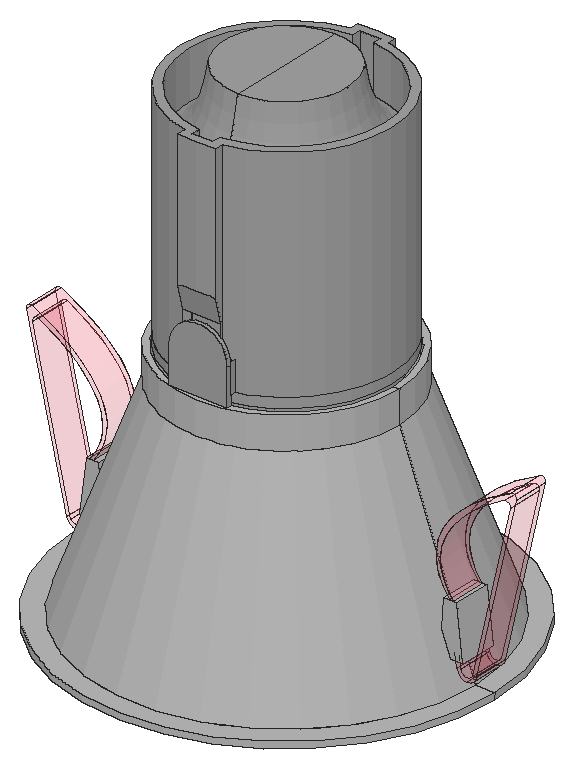
Revit family "LAMP_MOODY G2 800 + ROUND FIXED REFLECTOR", category Luminarias, Revit 2015
Parameters (values of type "2700K FLOOD")
  Ángulo de inclinación = 90.00°
  White reflector model = White reflector code  # "MORFRD100FXW"
  White reflector finish = "Matt white"
  White reflector description = "MOODY REF RD FX Ø99 WH."
  White reflector datasheet = "http://www.lamp.es/product-files/TECH/MORFRD100FXW-EN.pdf"
  White reflector [instance] = no
  Wattage = 6.1 W
  UGR = "21"
  Type = "COB PHILIPS"
  White reflector code = "MORFRD100FXW"
  Total weight = 0.25 kg
  Total height = 115 mm
  Silver reflector model = Silver reflector code  # "MORFRD100FXM"
  Silver reflector finish = "Metalized matt silver"
  Silver reflector description = "MOODY REF RD FX Ø99 MET."
  Silver reflector datasheet = "http://www.lamp.es/product-files/TECH/MORFRD100FXM-EN.pdf"
  Silver reflector code = "MORFRD100FXM"
  Silver reflector [instance] = no
  Reflector diameter = 100 mm
  Reflector [instance] = and(not(White reflector), not(Copper reflector), not(Black reflector), not(Silver reflector))  # no
  Recessed diameter = 95 mm
  built-in parameter 1150110 = 1 (stored number, unit not read)
  Protection rating = "IP20"
  Product URL = "https://www.lamp.es/en/family/moody_33323"
  Power Supply = "220-240V 50/60Hz"
  Power = 5 W
  Plum = 6.1 W
  Model explanation = "Availability of switching reflector colour when placed in a project."
  Material Reflector Plata = LAMP_PC Reflector Moody GR
  Material Reflector Negro = LAMP_PC Reflector Moody NG
  Material Reflector Cobre = LAMP_PC Reflector Moody CO
  Material Muelle Emp. = LAMP_Acero genérico
  Material Reflector Blanco = LAMP_PC Reflector Moody BL
  Manufacturer name = "LAMP"
  Manufacturer country = "Spain"
  Manufacturer URL = "http://www.lamp.es/en"
  MacAdam = "3"
  Lámpara = "COB LED"
  Luminaire type = "Indoor - Recessed Downlight"
  Last update = "27/08/2019"
  LED Lifetime = "50.000 L90 B10"
  Insulation class = "II"
  Installation instructions = "https://www.lamp.es/product-files/INS/1004620-A-INSTR.%20MOODY%20G2.pdf"
  IEE = "A++"
  Gear = "Electronic"
  built-in parameter 1114217 = 1 (stored number, unit not read)
  built-in parameter 1150109 = 1 (stored number, unit not read)
  Fabricante = Manufacturer name  # "LAMP"
  Efficacy = 71.3 lm/W
  Descripción = "MOODY G2 800 VWW FL TRIAC BK."
  Core product code = "MO208FL927TB"
  Core diameter = 50 mm
  Core datasheet = "http://www.lamp.es/product-files/TECH/MO208FL927TB-EN.pdf"
  Core model = Core product code  # "MO208FL927TB"
  Copper reflector model = Copper reflector code  # "MORFRD100FXC"
  Copper reflector finish = "Metalized matt copper"
  Copper reflector description = "MOODY REF RD FX Ø99 CO."
  Copper reflector datasheet = "http://www.lamp.es/product-files/TECH/MORFRD100FXW-EN.pdf"
  Copper reflector code = "MORFRD100FXC"
  Copper reflector [instance] = yes
  Comentarios de tipo = Model explanation  # "Availability of switching reflector colour when placed in a project."
  built-in parameter 1150134 = (empty or 0)
  built-in parameter 1150113 = 1 (stored number, unit not read)
  Lumens = 434.93 lm
  built-in parameter 1150115 = 1 (stored number, unit not read)
  built-in parameter 1150105 = 34.611 (stored number, unit not read)
  built-in parameter 1150137 = (empty or 0)
  built-in parameter 1150139 = (empty or 0)
  built-in parameter 1150112 = 1 (stored number, unit not read)
  built-in parameter 1150114 = 1 (stored number, unit not read)
  built-in parameter 1150132 = 2
  built-in parameter 1150102 = (empty or 0)
  built-in parameter 1150138 = (empty or 0)
  built-in parameter 1150107 = 2700 (stored number, unit not read)
  built-in parameter 1150106 = 0.34611 (stored number, unit not read)
  built-in parameter 1150104 = 6.624 (stored number, unit not read)
  Dimming Lamp Color Temperature Shift = (empty or 0)
  Color Filter = 16777215
  built-in parameter 1114218 = 1 (stored number, unit not read)
  CRI = "90"
  Core description = "MOODY CORE 500 VWW MFL"
  Black reflector model = Black reflector code  # "MORFRD100FXB"
  Black reflector finish = "Matt black"
  Black reflector description = "MOODY REF RD FX Ø99 BK."
  Black reflector datasheet = "http://www.lamp.es/product-files/TECH/MORFRD100FXB-EN.pdf"
  Black reflector code = "MORFRD100FXB"
  Black reflector [instance] = no
  Archivo de red fotométrica = "MO208FL927TB+MORFRD100FXM.IES"
  Altura reflector = 56.5 mm
  built-in parameter 1150133 = 10 (stored number, unit not read)
Types (9, lengths in mm): name | Efficacy | Descripción | Core product code | Core datasheet | Core model | Lumens | built-in parameter 1150105 | built-in parameter 1150107 | built-in parameter 1150106 | built-in parameter 1150104 | CRI | Archivo de red fotométrica
  2700K FLOOD | 71.3 lm/W | "MOODY G2 800 VWW FL TRIAC BK." | "MO208FL927TB" | "http://www.lamp.es/product-files/TECH/MO208FL927TB-EN.pdf" | "MO208FL927TB" | 434.93 lm | 34.611 (stored number, unit not read) | 2700 (stored number, unit not read) | 0.34611 (stored number, unit not read) | 6.624 (stored number, unit not read) | "90" | "MO208FL927TB+MORFRD100FXM.IES"
  2700K SPOT | 71.3 lm/W | "MOODY G2 800 VWW SP TRIAC BK." | "MO208SP927TB" | "http://www.lamp.es/product-files/TECH/MO208SP927TB-EN.pdf" | "MO208SP927TB" | 434.93 lm | 1678.7 (stored number, unit not read) | 2700 (stored number, unit not read) | 16.787 (stored number, unit not read) | 6.624 (stored number, unit not read) | "90" | "MO208SP927TB+MORFRD100FXM.IES"
  2700K WIDE FLOOD | 71.3 lm/W | "MOODY G2 800 VWW WFL TRIAC BK." | "MO208WF927TB" | "http://www.lamp.es/product-files/TECH/MO208WF927TB-EN.pdf" | "MO208WF927TB" | 434.93 lm | 34.611 (stored number, unit not read) | 2700 (stored number, unit not read) | 0.34611 (stored number, unit not read) | 6.624 (stored number, unit not read) | "90" | "MO208WF927TB+MORFRD100FXM.IES"
  3000K FLOOD | 87.4 lm/W | "MOODY G2 800 WW FL TRIAC BK." | "MO208FL830TB" | "http://www.lamp.es/product-files/TECH/MO208FL830TB-EN.pdf" | "MO208FL830TB" | 533.14 lm | 1207 (stored number, unit not read) | 3000 (stored number, unit not read) | 12.07 (stored number, unit not read) | 8.1197 (stored number, unit not read) | "80" | "MO208FL830TB+MORFRD100FXM.IES"
  3000K SPOT | 87.4 lm/W | "MOODY G2 800 WW SP TRIAC BK." | "MO208SP830TB" | "http://www.lamp.es/product-files/TECH/MO208SP830TB-EN.pdf" | "MO208SP830TB" | 533.14 lm | 42.426 (stored number, unit not read) | 3000 (stored number, unit not read) | 0.42426 (stored number, unit not read) | 8.1197 (stored number, unit not read) | "80" | "MO208SP830TB+MORFRD100FXM.IES"
  3000K WIDE FLOOD | 87.4 lm/W | "MOODY G2 800 WW WFL TRIAC BK." | "MO208WF830TB" | "http://www.lamp.es/product-files/TECH/MO208WF830TB-EN.pdf" | "MO208WF830TB" | 533.14 lm | 42.426 (stored number, unit not read) | 3000 (stored number, unit not read) | 0.42426 (stored number, unit not read) | 8.1197 (stored number, unit not read) | "80" | "MO208WF830TB+MORFRD100FXM.IES"
  4000K FLOOD | 92.6 lm/W | "MOODY G2 800 NW FL TRIAC BK." | "MO208FL840TB" | "http://www.lamp.es/product-files/TECH/MO208FL840TB-EN.pdf" | "MO208FL840TB" | 564.86 lm | 44.95 (stored number, unit not read) | 4000 (stored number, unit not read) | 0.4495 (stored number, unit not read) | 8.6028 (stored number, unit not read) | "80" | "MO208FL840TB+MORFRD100FXM.IES"
  4000K SPOT | 92.6 lm/W | "MOODY G2 800 NW SP TRIAC BK." | "MO208SP840TB" | "http://www.lamp.es/product-files/TECH/MO208SP840TB-EN.pdf" | "MO208SP840TB" | 564.86 lm | 2180.2 (stored number, unit not read) | 4000 (stored number, unit not read) | 21.802 (stored number, unit not read) | 8.6028 (stored number, unit not read) | "80" | "MO208SP840TB+MORFRD100FXM.IES"
  4000K WIDE FLOOD | 92.6 lm/W | "MOODY G2 800 NW WFL TRIAC BK." | "MO208WF840TB" | "http://www.lamp.es/product-files/TECH/MO208WF840TB-EN.pdf" | "MO208WF840TB" | 564.86 lm | 44.95 (stored number, unit not read) | 4000 (stored number, unit not read) | 0.4495 (stored number, unit not read) | 8.6028 (stored number, unit not read) | "80" | "MO208WF840TB+MORFRD100FXM.IES"
Reference planes
  plane 1 "Eje de origen de luz (F/P)": y = 0
  plane 2: z = 0
  plane 3 "Eje de origen de luz (I/D)": x = 0
  plane 4 "Techo": z = 3738.5
  plane 5 "Elevación de origen de luz": z = 3738.5
Forms (mm)
  Revolve 1, solid, material "LAMP_PC Reflector Moody CO" <- "Material Reflector Cobre", visible <- "Copper reflector"
    sketch origin (0, 0, 0) x (1, 0, 0) y (0, 0, 1)
      loop
        line (-49.5, 3737) -> (-43.7, 3737) -> (-25.4, 3786.715) -> (-20.4, 3786.715) -> (-20.4, 3789.672) -> (-25.4, 3789.672) -> (-25.4, 3795) -> (-26.8, 3795) -> (-26.8, 3787.4) -> (-44.8, 3738.5) -> (-49.5, 3738.5) -> (-49.5, 3737)
      axis (0, 3737) -> (0, 3795)
    angle from 0 to 360
  Extrusion 2, solid, material "LAMP_PC Reflector Moody CO" <- "Material Reflector Cobre", visible <- "Copper reflector"
    sketch origin (0, 0, 0) x (1, 0, 0) y (0, 0, 1)
      loop
        line (-42.407, 3745) -> (-40.284, 3750.769) -> (-40.873, 3757.5) -> (-43.873, 3757.5) -> (-45.407, 3745) -> (-42.407, 3745)
    from 4.4 to -4.4
  Extrusion 3, solid, material "LAMP_PC Reflector Moody CO" <- "Material Reflector Cobre", visible <- "Copper reflector"
    sketch origin (0, 0, 0) x (-1, 0, 0) y (0, 0, -1)
      loop
        line (-42.407, -3745) -> (-45.407, -3745) -> (-43.873, -3757.5) -> (-40.873, -3757.5) -> (-40.284, -3750.769) -> (-42.407, -3745)
    from 4.4 to -4.4
  Extrusion 4, solid, material "LAMP_Acero genérico" <- "Material Muelle Emp."
    sketch origin (0, 0, 0) x (1, 0, 0) y (0, 0, 1)
      loop
        line (-43.449, 3746.955) -> (-44.442, 3747.077) -> (-44.86, 3743.673)
        arc (-44.86, 3743.673) -> (-46.011, 3742.395) -> (-47.607, 3743.039) r 1.5
        line (-47.607, 3743.039) -> (-56.587, 3781.935)
        arc (-56.587, 3781.935) -> (-56.25, 3782.912) -> (-55.225, 3783.038) r 0.975
        spline (-55.225, 3783.038) -> (-51.331, 3780.738) -> (-48.069, 3778.431) -> (-45.409, 3776.129) -> (-43.316, 3773.842) -> (-41.759, 3771.583) -> (-40.706, 3769.362) -> (-40.125, 3767.192) -> (-39.983, 3765.084) -> (-40.248, 3763.049) -> (-40.888, 3761.099) -> (-41.87, 3759.246) -> (-43.162, 3757.5)
        line (-43.162, 3757.5) -> (-42.155, 3757.5)
        spline (-42.155, 3757.5) -> (-40.805, 3759.492) -> (-39.803, 3761.59) -> (-39.185, 3763.778) -> (-38.986, 3766.043) -> (-39.241, 3768.371) -> (-39.985, 3770.746) -> (-41.254, 3773.156) -> (-43.082, 3775.585) -> (-45.504, 3778.019) -> (-48.557, 3780.445) -> (-52.274, 3782.848) -> (-56.692, 3785.214)
        arc (-56.692, 3785.214) -> (-57.717, 3785.088) -> (-58.053, 3784.112) r 0.975
        line (-58.053, 3784.112) -> (-48.597, 3743.153)
        arc (-48.597, 3743.153) -> (-47.735, 3741.824) -> (-46.22, 3741.36) r 2.317
        arc (-46.22, 3741.36) -> (-44.644, 3742.027) -> (-43.867, 3743.552) r 2.5
        line (-43.867, 3743.552) -> (-43.449, 3746.955)
    from 4.3 to -4.3
  Extrusion 5, solid, material "LAMP_Acero genérico" <- "Material Muelle Emp."
    sketch origin (0, 0, 0) x (-1, 0, 0) y (0, 0, -1)
      loop
        line (-43.449, -3746.955) -> (-43.867, -3743.552)
        arc (-43.867, -3743.552) -> (-44.644, -3742.027) -> (-46.22, -3741.36) r 2.5
        arc (-46.22, -3741.36) -> (-47.735, -3741.824) -> (-48.597, -3743.153) r 2.317
        line (-48.597, -3743.153) -> (-58.053, -3784.112)
        arc (-58.053, -3784.112) -> (-57.717, -3785.088) -> (-56.692, -3785.214) r 0.975
        spline (-56.692, -3785.214) -> (-52.274, -3782.848) -> (-48.557, -3780.445) -> (-45.504, -3778.019) -> (-43.082, -3775.585) -> (-41.254, -3773.156) -> (-39.985, -3770.746) -> (-39.241, -3768.371) -> (-38.986, -3766.043) -> (-39.185, -3763.778) -> (-39.803, -3761.59) -> (-40.805, -3759.492) -> (-42.155, -3757.5)
        line (-42.155, -3757.5) -> (-43.162, -3757.5)
        spline (-43.162, -3757.5) -> (-41.87, -3759.246) -> (-40.888, -3761.099) -> (-40.248, -3763.049) -> (-39.983, -3765.084) -> (-40.125, -3767.192) -> (-40.706, -3769.362) -> (-41.759, -3771.583) -> (-43.316, -3773.842) -> (-45.409, -3776.129) -> (-48.069, -3778.431) -> (-51.331, -3780.738) -> (-55.225, -3783.038)
        arc (-55.225, -3783.038) -> (-56.25, -3782.912) -> (-56.587, -3781.935) r 0.975
        line (-56.587, -3781.935) -> (-47.607, -3743.039)
        arc (-47.607, -3743.039) -> (-46.011, -3742.395) -> (-44.86, -3743.673) r 1.5
        line (-44.86, -3743.673) -> (-44.442, -3747.077) -> (-43.449, -3746.955)
    from 4.3 to -4.3
  Revolve 6, solid, material "LAMP_PC Reflector Moody BL" <- "Material Reflector Blanco", visible <- "White reflector"
    sketch origin (0, 0, 0) x (1, 0, 0) y (0, 0, 1)
      loop
        line (-49.5, 3737) -> (-43.7, 3737) -> (-25.4, 3786.715) -> (-20.4, 3786.715) -> (-20.4, 3789.672) -> (-25.4, 3789.672) -> (-25.4, 3795) -> (-26.8, 3795) -> (-26.8, 3787.4) -> (-44.8, 3738.5) -> (-49.5, 3738.5) -> (-49.5, 3737)
      axis (0, 3737) -> (0, 3795)
    angle from 0 to 360
  Extrusion 7, solid, material "LAMP_PC Reflector Moody BL" <- "Material Reflector Blanco", visible <- "White reflector"
    sketch origin (0, 0, 0) x (1, 0, 0) y (0, 0, 1)
      loop
        line (-42.407, 3745) -> (-40.284, 3750.769) -> (-40.873, 3757.5) -> (-43.873, 3757.5) -> (-45.407, 3745) -> (-42.407, 3745)
    from 4.4 to -4.4
  Extrusion 8, solid, material "LAMP_PC Reflector Moody BL" <- "Material Reflector Blanco", visible <- "White reflector"
    sketch origin (0, 0, 0) x (-1, 0, 0) y (0, 0, -1)
      loop
        line (-42.407, -3745) -> (-45.407, -3745) -> (-43.873, -3757.5) -> (-40.873, -3757.5) -> (-40.284, -3750.769) -> (-42.407, -3745)
    from 4.4 to -4.4
  Revolve 9, solid, material "LAMP_PC Reflector Moody NG" <- "Material Reflector Negro", visible <- "Black reflector"
    sketch origin (0, 0, 0) x (1, 0, 0) y (0, 0, 1)
      loop
        line (-49.5, 3737) -> (-43.7, 3737) -> (-25.4, 3786.715) -> (-20.4, 3786.715) -> (-20.4, 3789.672) -> (-25.4, 3789.672) -> (-25.4, 3795) -> (-26.8, 3795) -> (-26.8, 3787.4) -> (-44.8, 3738.5) -> (-49.5, 3738.5) -> (-49.5, 3737)
      axis (0, 3737) -> (0, 3795)
    angle from 0 to 360
  Extrusion 10, solid, material "LAMP_PC Reflector Moody NG" <- "Material Reflector Negro", visible <- "Black reflector"
    sketch origin (0, 0, 0) x (1, 0, 0) y (0, 0, 1)
      loop
        line (-42.407, 3745) -> (-40.284, 3750.769) -> (-40.873, 3757.5) -> (-43.873, 3757.5) -> (-45.407, 3745) -> (-42.407, 3745)
    from 4.4 to -4.4
  Extrusion 11, solid, material "LAMP_PC Reflector Moody NG" <- "Material Reflector Negro", visible <- "Black reflector"
    sketch origin (0, 0, 0) x (-1, 0, 0) y (0, 0, -1)
      loop
        line (-42.407, -3745) -> (-45.407, -3745) -> (-43.873, -3757.5) -> (-40.873, -3757.5) -> (-40.284, -3750.769) -> (-42.407, -3745)
    from 4.4 to -4.4
  Revolve 12, solid, material "LAMP_PC Reflector Moody GR" <- "Material Reflector Plata", visible <- "Silver reflector"
    sketch origin (0, 0, 0) x (1, 0, 0) y (0, 0, 1)
      loop
        line (-49.5, 3737) -> (-43.7, 3737) -> (-25.4, 3786.715) -> (-20.4, 3786.715) -> (-20.4, 3789.672) -> (-25.4, 3789.672) -> (-25.4, 3795) -> (-26.8, 3795) -> (-26.8, 3787.4) -> (-44.8, 3738.5) -> (-49.5, 3738.5) -> (-49.5, 3737)
      axis (0, 3737) -> (0, 3795)
    angle from 0 to 360
  Extrusion 13, solid, material "LAMP_PC Reflector Moody GR" <- "Material Reflector Plata", visible <- "Silver reflector"
    sketch origin (0, 0, 0) x (1, 0, 0) y (0, 0, 1)
      loop
        line (-42.407, 3745) -> (-40.284, 3750.769) -> (-40.873, 3757.5) -> (-43.873, 3757.5) -> (-45.407, 3745) -> (-42.407, 3745)
    from 4.4 to -4.4
  Extrusion 14, solid, material "LAMP_PC Reflector Moody GR" <- "Material Reflector Plata", visible <- "Silver reflector"
    sketch origin (0, 0, 0) x (-1, 0, 0) y (0, 0, -1)
      loop
        line (-42.407, -3745) -> (-45.407, -3745) -> (-43.873, -3757.5) -> (-40.873, -3757.5) -> (-40.284, -3750.769) -> (-42.407, -3745)
    from 4.4 to -4.4
  Revolve 15, solid, material "LAMP_PC Reflector Moody CO" <- "Material Reflector Cobre", visible <- "Reflector"
    sketch origin (0, 0, 0) x (1, 0, 0) y (0, 0, 1)
      loop
        line (-49.5, 3737) -> (-43.7, 3737) -> (-25.4, 3786.715) -> (-20.4, 3786.715) -> (-20.4, 3789.672) -> (-25.4, 3789.672) -> (-25.4, 3795) -> (-26.8, 3795) -> (-26.8, 3787.4) -> (-44.8, 3738.5) -> (-49.5, 3738.5) -> (-49.5, 3737)
      axis (0, 3737) -> (0, 3795)
    angle from 0 to 360
  Extrusion 16, solid, material "LAMP_PC Reflector Moody CO" <- "Material Reflector Cobre", visible <- "Reflector"
    sketch origin (0, 0, 0) x (1, 0, 0) y (0, 0, 1)
      loop
        line (-42.407, 3745) -> (-40.284, 3750.769) -> (-40.873, 3757.5) -> (-43.873, 3757.5) -> (-45.407, 3745) -> (-42.407, 3745)
    from 4.4 to -4.4
  Extrusion 17, solid, material "LAMP_PC Reflector Moody CO" <- "Material Reflector Cobre", visible <- "Reflector"
    sketch origin (0, 0, 0) x (-1, 0, 0) y (0, 0, -1)
      loop
        line (-42.407, -3745) -> (-45.407, -3745) -> (-43.873, -3757.5) -> (-40.873, -3757.5) -> (-40.284, -3750.769) -> (-42.407, -3745)
    from 4.4 to -4.4
Text (mm)
  text "Any modification of the parameters and properties of the LAMP BIM models must be executed and validated by the LAMP technical department.\n\nPhone: +34 93 736 68 00\n\nE-mail: lamp@lamp.es\n\n\n\nLAMP reserves the right to modify the technical specifications of its products." at (-1237.633, 1699.993, 3254.939), in view "Preview"
Dimensions and locks
  equal spacing: host sketch curve, plane 3 "Eje de origen de luz (I/D)", host sketch curve
  equal spacing: host sketch curve, plane 1 "Eje de origen de luz (F/P)", host sketch curve
  host sketch curve to host sketch curve = 4000 mm  (x2)
  locked: plane 4 "Techo" to host ceiling at 0
  "Altura reflector": plane 4 "Techo" to Revolve 1
  aligned and locked: plane 3 "Eje de origen de luz (I/D)" to imposter light
  aligned and locked: plane 1 "Eje de origen de luz (F/P)" to imposter light
  aligned and locked: plane 5 "Elevación de origen de luz" to imposter light
  aligned and locked: plane 4 "Techo" to plane 5 "Elevación de origen de luz"
Automatic sketch dimensions
  Revolve 1 sketch curve to plane 4 "Techo" = 0 mm
  Revolve 1 sketch curve to plane 3 "Eje de origen de luz (I/D)" = 0 mm
  Revolve 1 sketch curve to plane 3 "Eje de origen de luz (I/D)" = 20.4 mm
  Revolve 1 sketch curve to Revolve 1 sketch curve = 5 mm
  Revolve 1 sketch curve to Revolve 1 sketch curve = 0 mm
  Revolve 1 sketch curve to Revolve 1 sketch curve = 1.4 mm
  plane 4 "Techo" to Revolve 1 sketch curve = 1.5 mm
  Revolve 1 sketch curve to plane 3 "Eje de origen de luz (I/D)" = 43.7 mm
  Revolve 1 sketch curve to Revolve 1 sketch curve = 1.1 mm
  Revolve 1 sketch curve to Revolve 1 sketch curve = 4.7 mm
  Revolve 1 sketch curve to plane 4 "Techo" = 48.215 mm
  Revolve 1 sketch curve to Revolve 1 sketch curve = 0.685 mm
  Revolve 1 sketch curve to Revolve 1 sketch curve = 2.957 mm
  Revolve 1 sketch curve to Revolve 1 sketch curve = 5.328 mm
  Revolve 1 sketch curve to level = 358.228 mm
  Revolve 1 sketch curve to Revolve 1 sketch curve = 305.685 mm
  Extrusion 2 sketch curve to plane 4 "Techo" = 6.5 mm
  Extrusion 2 sketch curve to plane 3 "Eje de origen de luz (I/D)" = 45.407 mm
  Extrusion 2 sketch curve to Extrusion 2 sketch curve = 1.535 mm
  Extrusion 2 sketch curve to Extrusion 2 sketch curve = 3 mm  (x2)
  Extrusion 2 sketch curve to plane 4 "Techo" = 19 mm
  Extrusion 2 sketch curve to plane 4 "Techo" = 12.269 mm
  Extrusion 2 sketch curve to Extrusion 2 sketch curve = 2.124 mm
  plane 4 "Techo" to Extrusion 3 sketch curve = 6.5 mm
  Extrusion 3 sketch curve to plane 3 "Eje de origen de luz (I/D)" = 45.407 mm
  Extrusion 3 sketch curve to Extrusion 3 sketch curve = 1.535 mm
  Extrusion 3 sketch curve to Extrusion 3 sketch curve = 3 mm  (x2)
  plane 4 "Techo" to Extrusion 3 sketch curve = 19 mm
  plane 4 "Techo" to Extrusion 3 sketch curve = 12.269 mm
  Extrusion 3 sketch curve to Extrusion 3 sketch curve = 2.124 mm
  Extrusion 4 sketch curve to Extrusion 4 sketch curve = 0 mm  (x2)
  Extrusion 4 sketch curve to plane 3 "Eje de origen de luz (I/D)" = 58.053 mm
  Extrusion 4 sketch curve to Extrusion 4 sketch curve = 0.95 mm  (x2)
  Extrusion 4 sketch curve to Extrusion 4 sketch curve = 0.412 mm  (x2)
  Extrusion 4 sketch curve to Extrusion 4 sketch curve = 0.517 mm
  Extrusion 4 sketch curve to plane 4 "Techo" = 4.653 mm
  Extrusion 4 sketch curve to Extrusion 4 sketch curve = 7.989 mm
  Extrusion 4 sketch curve to plane 4 "Techo" = 4.539 mm
  Extrusion 4 sketch curve to Extrusion 4 sketch curve = 0.991 mm
  Extrusion 4 sketch curve to Extrusion 4 sketch curve = 1.258 mm
  Extrusion 4 sketch curve to Extrusion 4 sketch curve = 0.009 mm
  Extrusion 4 sketch curve to plane 4 "Techo" = 5.173 mm
  Extrusion 4 sketch curve to Extrusion 4 sketch curve = 1.479 mm
  Extrusion 4 sketch curve to plane 4 "Techo" = 8.577 mm
  Extrusion 4 sketch curve to Extrusion 4 sketch curve = 0.418 mm
  Extrusion 4 sketch curve to plane 4 "Techo" = 5.052 mm
  Extrusion 4 sketch curve to Extrusion 4 sketch curve = 0.993 mm
  Extrusion 4 sketch curve to Extrusion 4 sketch curve = 1.28 mm
  Extrusion 4 sketch curve to Extrusion 4 sketch curve = 1.008 mm
  Extrusion 4 sketch curve to Extrusion 4 sketch curve = 0.182 mm
  Extrusion 4 sketch curve to Extrusion 4 sketch curve = 10.423 mm
  Extrusion 4 sketch curve to Extrusion 4 sketch curve = 24.435 mm
  Extrusion 4 sketch curve to Extrusion 4 sketch curve = 0.219 mm  (x2)
  Extrusion 4 sketch curve to Extrusion 4 sketch curve = 2.176 mm
  Extrusion 5 sketch curve to Extrusion 5 sketch curve = 0 mm  (x2)
  Extrusion 5 sketch curve to plane 3 "Eje de origen de luz (I/D)" = 58.053 mm
  Extrusion 5 sketch curve to Extrusion 5 sketch curve = 0.95 mm  (x2)
  Extrusion 5 sketch curve to Extrusion 5 sketch curve = 0.412 mm  (x2)
  Extrusion 5 sketch curve to Extrusion 5 sketch curve = 0.517 mm
  plane 4 "Techo" to Extrusion 5 sketch curve = 4.653 mm
  Extrusion 5 sketch curve to Extrusion 5 sketch curve = 7.989 mm
  plane 4 "Techo" to Extrusion 5 sketch curve = 4.539 mm
  Extrusion 5 sketch curve to Extrusion 5 sketch curve = 0.991 mm
  Extrusion 5 sketch curve to Extrusion 5 sketch curve = 1.258 mm
  Extrusion 5 sketch curve to Extrusion 5 sketch curve = 0.009 mm
  plane 4 "Techo" to Extrusion 5 sketch curve = 5.173 mm
  Extrusion 5 sketch curve to Extrusion 5 sketch curve = 1.479 mm
  plane 4 "Techo" to Extrusion 5 sketch curve = 8.577 mm
  Extrusion 5 sketch curve to Extrusion 5 sketch curve = 0.418 mm
  plane 4 "Techo" to Extrusion 5 sketch curve = 5.052 mm
  Extrusion 5 sketch curve to Extrusion 5 sketch curve = 0.993 mm
  Extrusion 5 sketch curve to Extrusion 5 sketch curve = 1.28 mm
  Extrusion 5 sketch curve to Extrusion 5 sketch curve = 1.008 mm
  Extrusion 5 sketch curve to Extrusion 5 sketch curve = 0.182 mm
  Extrusion 5 sketch curve to Extrusion 5 sketch curve = 10.423 mm
  Extrusion 5 sketch curve to Extrusion 5 sketch curve = 24.435 mm
  Extrusion 5 sketch curve to Extrusion 5 sketch curve = 0.219 mm  (x2)
  Extrusion 5 sketch curve to Extrusion 5 sketch curve = 2.176 mm
  Revolve 6 sketch curve to plane 4 "Techo" = 0 mm
  Revolve 6 sketch curve to plane 3 "Eje de origen de luz (I/D)" = 49.5 mm
  Revolve 6 sketch curve to Revolve 6 sketch curve = 4.7 mm
  Revolve 6 sketch curve to Revolve 6 sketch curve = 1.1 mm
  Revolve 6 sketch curve to Revolve 6 sketch curve = 18 mm
  Revolve 6 sketch curve to Revolve 6 sketch curve = 1.4 mm  (x2)
  Revolve 6 sketch curve to plane 4 "Techo" = 48.215 mm
  Revolve 6 sketch curve to Revolve 6 sketch curve = 5 mm
  plane 4 "Techo" to Revolve 6 sketch curve = 1.5 mm
  Revolve 6 sketch curve to Revolve 6 sketch curve = 0.685 mm
  Revolve 6 sketch curve to Revolve 6 sketch curve = 2.957 mm
  Revolve 6 sketch curve to Revolve 6 sketch curve = 5.328 mm
  plane 3 "Eje de origen de luz (I/D)" to Revolve 6 sketch curve = 0 mm
  Revolve 6 sketch curve to level = 358.228 mm
  Revolve 6 sketch curve to Revolve 6 sketch curve = 305.685 mm
  Extrusion 7 sketch curve to plane 4 "Techo" = 6.5 mm
  Extrusion 7 sketch curve to plane 3 "Eje de origen de luz (I/D)" = 45.407 mm
  Extrusion 7 sketch curve to Extrusion 7 sketch curve = 1.535 mm
  Extrusion 7 sketch curve to Extrusion 7 sketch curve = 3 mm  (x2)
  Extrusion 7 sketch curve to plane 4 "Techo" = 19 mm
  Extrusion 7 sketch curve to plane 4 "Techo" = 12.269 mm
  Extrusion 7 sketch curve to Extrusion 7 sketch curve = 2.124 mm
  plane 4 "Techo" to Extrusion 8 sketch curve = 6.5 mm
  Extrusion 8 sketch curve to plane 3 "Eje de origen de luz (I/D)" = 45.407 mm
  Extrusion 8 sketch curve to Extrusion 8 sketch curve = 1.535 mm
  Extrusion 8 sketch curve to Extrusion 8 sketch curve = 3 mm  (x2)
  plane 4 "Techo" to Extrusion 8 sketch curve = 19 mm
  plane 4 "Techo" to Extrusion 8 sketch curve = 12.269 mm
  Extrusion 8 sketch curve to Extrusion 8 sketch curve = 2.124 mm
  Revolve 9 sketch curve to plane 4 "Techo" = 0 mm
  Revolve 9 sketch curve to plane 3 "Eje de origen de luz (I/D)" = 49.5 mm
  Revolve 9 sketch curve to Revolve 9 sketch curve = 4.7 mm
  Revolve 9 sketch curve to Revolve 9 sketch curve = 1.1 mm
  Revolve 9 sketch curve to Revolve 9 sketch curve = 18 mm
  Revolve 9 sketch curve to Revolve 9 sketch curve = 1.4 mm  (x2)
  Revolve 9 sketch curve to plane 4 "Techo" = 48.215 mm
  Revolve 9 sketch curve to Revolve 9 sketch curve = 5 mm
  plane 4 "Techo" to Revolve 9 sketch curve = 1.5 mm
  Revolve 9 sketch curve to Revolve 9 sketch curve = 0.685 mm
  Revolve 9 sketch curve to Revolve 9 sketch curve = 2.957 mm
  Revolve 9 sketch curve to Revolve 9 sketch curve = 5.328 mm
  plane 3 "Eje de origen de luz (I/D)" to Revolve 9 sketch curve = 0 mm
  Revolve 9 sketch curve to level = 358.228 mm
  Revolve 9 sketch curve to Revolve 9 sketch curve = 305.685 mm
  Extrusion 10 sketch curve to plane 4 "Techo" = 6.5 mm
  Extrusion 10 sketch curve to plane 3 "Eje de origen de luz (I/D)" = 45.407 mm
  Extrusion 10 sketch curve to Extrusion 10 sketch curve = 1.535 mm
  Extrusion 10 sketch curve to Extrusion 10 sketch curve = 3 mm  (x2)
  Extrusion 10 sketch curve to plane 4 "Techo" = 19 mm
  Extrusion 10 sketch curve to plane 4 "Techo" = 12.269 mm
  Extrusion 10 sketch curve to Extrusion 10 sketch curve = 2.124 mm
  plane 4 "Techo" to Extrusion 11 sketch curve = 6.5 mm
  Extrusion 11 sketch curve to plane 3 "Eje de origen de luz (I/D)" = 45.407 mm
  Extrusion 11 sketch curve to Extrusion 11 sketch curve = 1.535 mm
  Extrusion 11 sketch curve to Extrusion 11 sketch curve = 3 mm  (x2)
  plane 4 "Techo" to Extrusion 11 sketch curve = 19 mm
  plane 4 "Techo" to Extrusion 11 sketch curve = 12.269 mm
  Extrusion 11 sketch curve to Extrusion 11 sketch curve = 2.124 mm
  Revolve 12 sketch curve to plane 4 "Techo" = 0 mm
  Revolve 12 sketch curve to plane 3 "Eje de origen de luz (I/D)" = 49.5 mm
  Revolve 12 sketch curve to Revolve 12 sketch curve = 4.7 mm
  Revolve 12 sketch curve to Revolve 12 sketch curve = 1.1 mm
  Revolve 12 sketch curve to Revolve 12 sketch curve = 18 mm
  Revolve 12 sketch curve to Revolve 12 sketch curve = 1.4 mm  (x2)
  Revolve 12 sketch curve to plane 4 "Techo" = 48.215 mm
  Revolve 12 sketch curve to Revolve 12 sketch curve = 5 mm
  plane 4 "Techo" to Revolve 12 sketch curve = 1.5 mm
  Revolve 12 sketch curve to Revolve 12 sketch curve = 0.685 mm
  Revolve 12 sketch curve to Revolve 12 sketch curve = 2.957 mm
  Revolve 12 sketch curve to Revolve 12 sketch curve = 5.328 mm
  plane 3 "Eje de origen de luz (I/D)" to Revolve 12 sketch curve = 0 mm
  Revolve 12 sketch curve to level = 358.228 mm
  Revolve 12 sketch curve to Revolve 12 sketch curve = 305.685 mm
  Extrusion 13 sketch curve to plane 4 "Techo" = 6.5 mm
  Extrusion 13 sketch curve to plane 3 "Eje de origen de luz (I/D)" = 45.407 mm
  Extrusion 13 sketch curve to Extrusion 13 sketch curve = 1.535 mm
  Extrusion 13 sketch curve to Extrusion 13 sketch curve = 3 mm  (x2)
  Extrusion 13 sketch curve to plane 4 "Techo" = 19 mm
  Extrusion 13 sketch curve to plane 4 "Techo" = 12.269 mm
  Extrusion 13 sketch curve to Extrusion 13 sketch curve = 2.124 mm
  plane 4 "Techo" to Extrusion 14 sketch curve = 6.5 mm
  Extrusion 14 sketch curve to plane 3 "Eje de origen de luz (I/D)" = 45.407 mm
  Extrusion 14 sketch curve to Extrusion 14 sketch curve = 1.535 mm
  Extrusion 14 sketch curve to Extrusion 14 sketch curve = 3 mm  (x2)
  plane 4 "Techo" to Extrusion 14 sketch curve = 19 mm
  plane 4 "Techo" to Extrusion 14 sketch curve = 12.269 mm
  Extrusion 14 sketch curve to Extrusion 14 sketch curve = 2.124 mm
  Revolve 15 sketch curve to plane 4 "Techo" = 0 mm
  Revolve 15 sketch curve to plane 3 "Eje de origen de luz (I/D)" = 49.5 mm
  Revolve 15 sketch curve to Revolve 15 sketch curve = 4.7 mm
  Revolve 15 sketch curve to Revolve 15 sketch curve = 1.1 mm
  Revolve 15 sketch curve to Revolve 15 sketch curve = 18 mm
  Revolve 15 sketch curve to Revolve 15 sketch curve = 1.4 mm  (x2)
  Revolve 15 sketch curve to plane 4 "Techo" = 48.215 mm
  Revolve 15 sketch curve to Revolve 15 sketch curve = 5 mm
  plane 4 "Techo" to Revolve 15 sketch curve = 1.5 mm
  Revolve 15 sketch curve to Revolve 15 sketch curve = 0.685 mm
  Revolve 15 sketch curve to Revolve 15 sketch curve = 2.957 mm
  Revolve 15 sketch curve to Revolve 15 sketch curve = 5.328 mm
  plane 3 "Eje de origen de luz (I/D)" to Revolve 15 sketch curve = 0 mm
  Revolve 15 sketch curve to level = 358.228 mm
  Revolve 15 sketch curve to Revolve 15 sketch curve = 305.685 mm
  Extrusion 16 sketch curve to plane 4 "Techo" = 6.5 mm
  Extrusion 16 sketch curve to plane 3 "Eje de origen de luz (I/D)" = 45.407 mm
  Extrusion 16 sketch curve to Extrusion 16 sketch curve = 1.535 mm
  Extrusion 16 sketch curve to Extrusion 16 sketch curve = 3 mm  (x2)
  Extrusion 16 sketch curve to plane 4 "Techo" = 19 mm
  Extrusion 16 sketch curve to plane 4 "Techo" = 12.269 mm
  Extrusion 16 sketch curve to Extrusion 16 sketch curve = 2.124 mm
  plane 4 "Techo" to Extrusion 17 sketch curve = 6.5 mm
  Extrusion 17 sketch curve to plane 3 "Eje de origen de luz (I/D)" = 45.407 mm
  Extrusion 17 sketch curve to Extrusion 17 sketch curve = 1.535 mm
  Extrusion 17 sketch curve to Extrusion 17 sketch curve = 3 mm  (x2)
  plane 4 "Techo" to Extrusion 17 sketch curve = 19 mm
  plane 4 "Techo" to Extrusion 17 sketch curve = 12.269 mm
  Extrusion 17 sketch curve to Extrusion 17 sketch curve = 2.124 mm
Nested families
  nested 1: "LAMP_MOODY CORE 500" at (0, 0, 3789.672) x (0, 1, 0) z (0, 0, 1), type "LAMP_MOODY CORE 500"
Connectors
  electrical at (0, 0, 3738.5)
    settings: on imposter light, index 1, voltage 230 V, apparent load 0 VA, apparent load phase1 0 VA, apparent load phase2 0 VA, apparent load phase3 0 VA, power factor 1, load classification "Otro", number of poles 1, system type 31, power factor state 1, is connector primary yes, connector utility no, sub classification motor no, connector description ""
Definition of nested family "LAMP_MOODY CORE 500"
  Parameters (values of type "LAMP_MOODY CORE 500")
    Weight = 0.214 kg
    Protection rating = "IP20"
    Product name = "MOODY CORE 500"
    Product URL = "http://www.lamp.es/en/family/moody_33323"
    Material Reflector = none
    Material Cuerpo = none
    Material COB = none
    Manufacturer name = "LAMP"
    Manufacturer country = "Spain"
    Manufacturer URL = "http://www.lamp.es/en"
    Luminaire type = "Indoor - Recessed Downlight"
    Last update = "08/05/2018"
    Installation instructions = ""
    Height = 65 mm
    Finish = "Cataphorese"
    Manufacturer = Manufacturer name  # "LAMP"
    Default Elevation = 1219.2 mm
    Diameter = 50 mm
    Description = Product name  # "MOODY CORE 500"
    Type Comments = "For product codes and features, see corresponding files LAMP_CORE + REFLECTOR"
    Altura interior = 49 mm
  Reference planes
    plane 1 "Centro (Frontal/Posterior)": y = 0
    plane 2: z = 0
    plane 3 "Centro (Izquierda/Derecha)": x = 0
    plane 4: z = 49
  Forms (mm)
    Extrusion 1, solid
      sketch origin (0, 0, 0) x (1, 0, 0) y (0, 1, 0)
        loop
          line (-1219.2, 1219.2) -> (-1219.2, -1219.2) -> (1219.2, -1219.2) -> (1219.2, 1219.2) -> (-1219.2, 1219.2)
      from 0 to -304.8
    Extrusion 2, solid, material <- "Material Cuerpo"
      sketch origin (0, 0, 8.2) x (1, 0, 0) y (0, 1, 0)
        loop
          arc (-26.622, 4.5) -> (-27, 0) -> (-26.622, -4.5) r 27
          line (-26.622, -4.5) -> (-24.592, -4.5)
          arc (-24.592, -4.5) -> (0, -25) -> (24.592, -4.5) r 25
          line (24.592, -4.5) -> (26.622, -4.5)
          arc (26.622, -4.5) -> (27, 0) -> (26.622, 4.5) r 27
          line (26.622, 4.5) -> (24.592, 4.5)
          arc (24.592, 4.5) -> (0, 25) -> (-24.592, 4.5) r 25
          line (-24.592, 4.5) -> (-26.622, 4.5)
        loop
          line (-24.875, -2.5) -> (-22.864, -2.5)
          arc (-22.864, -2.5) -> (0, -23) -> (22.864, -2.5) r 23
          line (22.864, -2.5) -> (24.875, -2.5)
          arc (24.875, -2.5) -> (25, 0) -> (24.875, 2.5) r 25
          line (24.875, 2.5) -> (22.864, 2.5)
          arc (22.864, 2.5) -> (0, 23) -> (-22.864, 2.5) r 23
          line (-22.864, 2.5) -> (-24.875, 2.5)
          arc (-24.875, 2.5) -> (-25, 0) -> (-24.875, -2.5) r 25
      from 0 to 52
    Revolve 3, solid, material <- "Material Cuerpo"
      sketch origin (0, 0, 8.2) x (1, 0, 0) y (0, 0, 1)
        loop
          spline (-14.467, 56.8) -> (-14.836, 54.556) -> (-15.268, 52.477) -> (-15.761, 50.564) -> (-16.317, 48.817) -> (-16.935, 47.235) -> (-17.615, 45.819) -> (-18.357, 44.568) -> (-19.161, 43.483) -> (-20.028, 42.564) -> (-20.956, 41.81) -> (-21.947, 41.222) -> (-23, 40.8)
          line (-23, 40.8) -> (0, 40.8) -> (0, 56.8) -> (-14.467, 56.8)
        axis (0, 56.8) -> (0, 40.8)
      angle from 0 to 360
    Extrusion 4, void
      sketch origin (0, 0, 8.2) x (0, 1, 0) y (0, 0, 1)
        loop
          line (-7, 0) -> (7, 0) -> (7, 6.5) -> (-7, 6.5) -> (-7, 0)
      from -28 to 28
    Extrusion 5, void
      sketch origin (0, 0, 8.2) x (1, 0, 0) y (0, 0, 1)
        loop
          line (25.068, 6.5) -> (27.791, 6.5) -> (27.791, 20.707) -> (26.791, 20.707) -> (25.068, 14.278) -> (25.068, 6.5)
      from -7 to 7
    Extrusion 6, void
      sketch origin (0, 0, 8.2) x (-1, 0, 0) y (0, 0, -1)
        loop
          line (25.068, -6.3) -> (25.068, -14.078) -> (26.791, -20.507) -> (27.791, -20.507) -> (27.791, -6.3) -> (25.068, -6.3)
      from -7 to 7
    Revolve 7, solid, material <- "Material Cuerpo"
      sketch origin (0, 0, 0) x (1, 0, 0) y (0, 0, 1)
        loop
          line (24.8, 0) -> (24.8, 2.2) -> (22.75, 2.2) -> (22.75, 5.8) -> (25, 5.8) -> (25, 8.2) -> (21.4, 8.2) -> (21.4, 7) -> (20.45, 7) -> (20.45, 0) -> (24.8, 0)
        axis (0, 8.2) -> (0, 0)
      angle from 0 to 360
    Extrusion 8, solid, material <- "Material Cuerpo"
      sketch origin (0, 0, 11.6) x (1, 0, 0) y (0, 1, 0)
        loop
          line (-25.068, 4.5) -> (-22.555, 4.5)
          arc (-22.555, 4.5) -> (0, 23) -> (22.555, 4.5) r 23
          line (22.555, 4.5) -> (25.068, 4.5) -> (25.068, 6.9) -> (22.778, 6.9)
          arc (22.778, 6.9) -> (0, 23.8) -> (-22.778, 6.9) r 23.8
          line (-22.778, 6.9) -> (-25.068, 6.9) -> (-25.068, 4.5)
        loop
          line (-25.068, -4.5) -> (-25.068, -6.9) -> (-22.778, -6.9)
          arc (-22.778, -6.9) -> (0, -23.8) -> (22.778, -6.9) r 23.8
          line (22.778, -6.9) -> (25.068, -6.9) -> (25.068, -4.5) -> (22.555, -4.5)
          arc (22.555, -4.5) -> (0, -23) -> (-22.555, -4.5) r 23
          line (-22.555, -4.5) -> (-25.068, -4.5)
      from -3.4 to 3.4
    Extrusion 9, solid, material <- "Material Cuerpo"
      sketch origin (0, 0, 0) x (0, 1, 0) y (0, 0, -1)
        loop
          arc (-6.769, -14.306) -> (0.131, -21.206) -> (7.031, -14.306) r 6.9
          line (7.031, -14.306) -> (7.031, -5.8) -> (-6.769, -5.8) -> (-6.769, -14.306)
      from 26 to 25.068
    Extrusion 10, solid, material <- "Material Cuerpo"
      sketch origin (0, 0, 0) x (0, 1, 0) y (0, 0, 1)
        loop
          line (-6.769, 14.306) -> (-6.769, 5.8) -> (7.031, 5.8) -> (7.031, 14.306)
          arc (7.031, 14.306) -> (0.131, 21.206) -> (-6.769, 14.306) r 6.9
      from 26 to 25.068
    Revolve 11, solid, material <- "Material Reflector"
      sketch origin (0, 0, -1660) x (1, 0, 0) y (0, 0, 1)
        loop
          line (21.4, 1667) -> (14.233, 1685.672) -> (13.283, 1685.672) -> (20.45, 1667) -> (21.4, 1667)
        axis (0, 1685.672) -> (0, 1667)
      angle from 0 to 360
    Revolve 12, solid, material <- "Material COB"
      sketch origin (0, 0, -2160) x (1, 0, 0) y (0, 0, 1)
        loop
          line (0, 2185.672) -> (14.233, 2185.672) -> (14.233, 2186.672) -> (0, 2186.672) -> (0, 2185.672)
        axis (0, 2186.672) -> (0, 2185.672)
      angle from 0 to 360
  Cuts and joins
    Extrusion 4, Extrusion 5, Extrusion 6 cuts Extrusion 2
  Dimensions and locks
    "Altura interior": plane 4 to Extrusion 1
    locked: cut or joined group of Extrusion 2, Extrusion 4, Extrusion 5, Extrusion 6 to plane 4 at 11.2
    aligned and locked: plane 2 to Extrusion 1
    aligned and locked: level to Extrusion 1
    aligned and locked: Revolve 3 to plane 4
    aligned and locked: Extrusion 8 to Revolve 7
    aligned and locked: Revolve 12 to Revolve 11
  Automatic sketch dimensions
    Extrusion 1 sketch curve to Extrusion 1 sketch curve = 2438.4 mm  (x2)
    Extrusion 2 sketch curve to Extrusion 2 sketch curve = 0 mm  (x57)
    plane 1 "Centro (Frontal/Posterior)" to Extrusion 2 sketch curve = 0 mm
    Extrusion 2 sketch curve to plane 3 "Centro (Izquierda/Derecha)" = 0 mm
    Extrusion 2 sketch curve to plane 1 "Centro (Frontal/Posterior)" = 2.5 mm  (x2)
    Extrusion 2 sketch curve to plane 3 "Centro (Izquierda/Derecha)" = 22.864 mm
    Extrusion 2 sketch curve to Extrusion 2 sketch curve = 1.728 mm  (x4)
    Extrusion 2 sketch curve to Extrusion 2 sketch curve = 2.011 mm  (x3)
    Extrusion 2 sketch curve to Extrusion 2 sketch curve = 2.031 mm  (x3)
    plane 1 "Centro (Frontal/Posterior)" to Extrusion 2 sketch curve = 2.5 mm
    Extrusion 2 sketch curve to Extrusion 2 sketch curve = 2 mm
    Revolve 3 sketch curve to plane 4 = 0 mm
    Revolve 3 sketch curve to plane 3 "Centro (Izquierda/Derecha)" = 0 mm  (x2)
    Revolve 3 sketch curve to plane 3 "Centro (Izquierda/Derecha)" = 14.467 mm
    Revolve 3 sketch curve to Revolve 3 sketch curve = 8.533 mm
    plane 4 to Revolve 3 sketch curve = 16 mm
    Revolve 3 sketch curve to level = 601.4 mm
    Revolve 3 sketch curve to Revolve 3 sketch curve = 2552.058 mm
    plane 1 "Centro (Frontal/Posterior)" to Extrusion 4 sketch curve = 7 mm
    Extrusion 4 sketch curve to plane 1 "Centro (Frontal/Posterior)" = 7 mm
    level to Extrusion 4 sketch curve = 8.2 mm
    Extrusion 4 sketch curve to Extrusion 4 sketch curve = 6.5 mm
    plane 3 "Centro (Izquierda/Derecha)" to Extrusion 5 sketch curve = 25.068 mm
    Extrusion 5 sketch curve to Extrusion 5 sketch curve = 1.723 mm
    Extrusion 5 sketch curve to Extrusion 5 sketch curve = 2.723 mm
    level to Extrusion 5 sketch curve = 14.7 mm
    Extrusion 5 sketch curve to Extrusion 5 sketch curve = 7.778 mm
    Extrusion 5 sketch curve to Extrusion 5 sketch curve = 6.429 mm
    Extrusion 6 sketch curve to plane 3 "Centro (Izquierda/Derecha)" = 25.068 mm
    Extrusion 6 sketch curve to Extrusion 6 sketch curve = 1.723 mm
    Extrusion 6 sketch curve to Extrusion 6 sketch curve = 2.723 mm
    Extrusion 6 sketch curve to plane 4 = 20.293 mm
    Extrusion 6 sketch curve to Extrusion 6 sketch curve = 6.429 mm
    Extrusion 6 sketch curve to Extrusion 6 sketch curve = 7.778 mm
    Revolve 7 sketch curve to plane 3 "Centro (Izquierda/Derecha)" = 0 mm
    Revolve 7 sketch curve to level = 0 mm
    plane 3 "Centro (Izquierda/Derecha)" to Revolve 7 sketch curve = 20.45 mm
    Revolve 7 sketch curve to Revolve 7 sketch curve = 0.95 mm
    Revolve 7 sketch curve to Revolve 7 sketch curve = 1.35 mm
    Revolve 7 sketch curve to Revolve 7 sketch curve = 2.05 mm
    Revolve 7 sketch curve to Revolve 7 sketch curve = 2.25 mm
    level to Revolve 7 sketch curve = 2.2 mm
    Revolve 7 sketch curve to Revolve 7 sketch curve = 3.6 mm
    Revolve 7 sketch curve to Revolve 7 sketch curve = 1.2 mm
    Revolve 7 sketch curve to Revolve 7 sketch curve = 2.4 mm
    Revolve 7 sketch curve to level = 609.6 mm
    plane 4 to Revolve 7 sketch curve = 2559.858 mm
    Extrusion 8 sketch curve to Extrusion 8 sketch curve = 0 mm  (x13)
    plane 1 "Centro (Frontal/Posterior)" to Extrusion 8 sketch curve = 0 mm
    Extrusion 8 sketch curve to plane 3 "Centro (Izquierda/Derecha)" = 0 mm
    plane 1 "Centro (Frontal/Posterior)" to Extrusion 8 sketch curve = 4.5 mm  (x2)
    Extrusion 8 sketch curve to plane 3 "Centro (Izquierda/Derecha)" = 22.555 mm
    Extrusion 8 sketch curve to plane 1 "Centro (Frontal/Posterior)" = 4.5 mm  (x2)
    Extrusion 8 sketch curve to Extrusion 8 sketch curve = 0.222 mm  (x4)
    Extrusion 8 sketch curve to Extrusion 8 sketch curve = 2.29 mm  (x3)
    Extrusion 8 sketch curve to Extrusion 8 sketch curve = 2.513 mm
    Extrusion 8 sketch curve to Extrusion 8 sketch curve = 2.4 mm  (x2)
    plane 1 "Centro (Frontal/Posterior)" to Extrusion 9 sketch curve = 6.769 mm
    Extrusion 9 sketch curve to plane 1 "Centro (Frontal/Posterior)" = 0.131 mm
    level to Extrusion 9 sketch curve = 14.306 mm
    level to Extrusion 9 sketch curve = 5.8 mm
    plane 1 "Centro (Frontal/Posterior)" to Extrusion 10 sketch curve = 6.769 mm
    Extrusion 10 sketch curve to plane 1 "Centro (Frontal/Posterior)" = 0.131 mm
    level to Extrusion 10 sketch curve = 5.8 mm
    Extrusion 10 sketch curve to Extrusion 10 sketch curve = 8.506 mm
    Revolve 11 sketch curve to plane 3 "Centro (Izquierda/Derecha)" = 0 mm
    plane 3 "Centro (Izquierda/Derecha)" to Revolve 11 sketch curve = 13.283 mm
    Revolve 11 sketch curve to Revolve 11 sketch curve = 0.95 mm  (x2)
    level to Revolve 11 sketch curve = 7 mm
    Revolve 11 sketch curve to Revolve 11 sketch curve = 6.217 mm
    Revolve 11 sketch curve to Revolve 11 sketch curve = 18.672 mm
    Revolve 11 sketch curve to level = 2269.6 mm
    plane 4 to Revolve 11 sketch curve = 899.858 mm
    Revolve 12 sketch curve to plane 3 "Centro (Izquierda/Derecha)" = 0 mm  (x2)
    Revolve 12 sketch curve to Revolve 12 sketch curve = 14.233 mm
    Revolve 12 sketch curve to plane 4 = 23.328 mm
    Revolve 12 sketch curve to Revolve 12 sketch curve = 1 mm
    Revolve 12 sketch curve to level = 2769.6 mm
    plane 4 to Revolve 12 sketch curve = 399.858 mm
